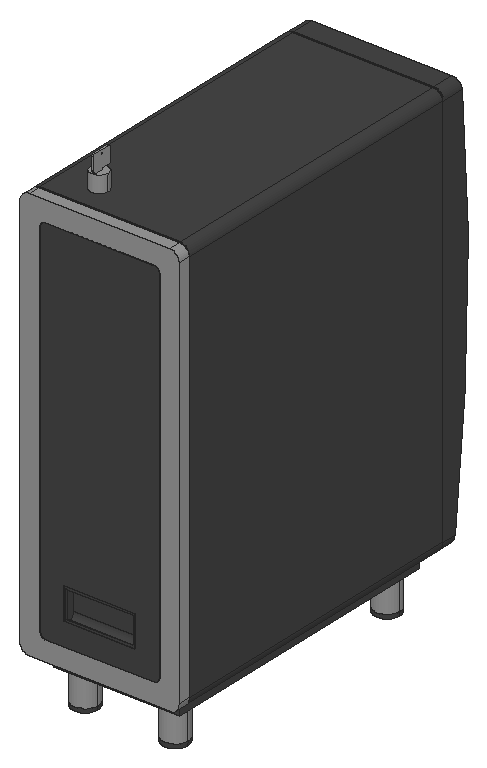
Revit family "Franke_Card_reader-A600_A800_A1000(EU)", category Specialty Equipment, Revit 2015
Parameters (values of type "Card reader-A600,A800,A1000(85-264V/anthracite/EU)")
  URL = "https://www.franke.com/main/en/cs/products/product-search.html"
  Depth (mm) = 452 mm
  Volts min. = 85 V
  Volts max. = 264 V
  Max Overcurrent Protection = 10 A
  Cycle Alternative = 60 Hz
  Cycle = 50 Hz
  Model = "410906 - Card reader-A600, A800, A1000"
  Watts = "system dependent"
  Cost = 0
  Height (mm) = 585 mm
  Manufacturer = "Franke"
  Energy loss acc. to DIN 18873 = "-"
  Width (mm) = 200 mm
  Description = "payment systems key module - card reader"
  Assembly Code = "key module - payment systems"
  Keynote = "key module - payment systems"
  Weight = "18 kg"
  Number of Poles = 1
  Number of Protective Conductors = "1"
  Number of Nutral Conductors = "1"
  Frontcover = Franke Anthracite
Types (3, lengths in mm): name | Frontcover
  (no name) | Franke Anthracite
  Card reader-A600,A800,A1000(85-264V/black line/EU) | Franke Black
  Card reader-A600,A800,A1000(85-264V/anthracite/EU) | Franke Anthracite
Reference planes
  plane 1 "Mitte (Vorne/Hinten)": y = 0
  plane 2: z = 0
  plane 3 "Mitte (Links/Rechts)": x = 0
Forms (mm)
  Extrusion 1, solid, material "Franke Black"
    sketch origin (0, 0, 0) x (0, 1, 0) y (0, 0, 1)
      loop
        line (186.97, 65) -> (-188.03, 65) -> (-188.03, 45) -> (186.97, 45) -> (186.97, 65)
    from -79 to 79
  Extrusion 2, solid, material "Franke Black"
    sketch origin (-1000, 0, 0) x (0, 1, 0) y (0, 0, 1)
      loop
        line (199.53, 585) -> (199.53, 65) -> (216.03, 65)
        arc (216.03, 65) -> (224.982, 150.997) -> (233.478, 237.039) r 16328.175
        arc (233.478, 237.039) -> (233.864, 241.879) -> (234.093, 246.728) r 150
        arc (234.093, 246.728) -> (236.227, 326.074) -> (237.701, 405.435) r 9548.581
        arc (237.701, 405.435) -> (237.699, 406.999) -> (237.648, 408.563) r 50
        arc (237.648, 408.563) -> (233.118, 496.797) -> (228.03, 585) r 14002.549
        line (228.03, 585) -> (199.53, 585)
    from 900 to 1100
  Extrusion 3, void
    sketch origin (-1000, 0, 0) x (1, 0, 0) y (0, 0, 1)
      loop
        arc (1088, 585) -> (1096.485, 581.485) -> (1100, 573) r 12
        line (1100, 573) -> (1110, 573) -> (1110, 595) -> (1088, 595) -> (1088, 585)
      loop
        line (1088, 65) -> (1088, 55) -> (1110, 55) -> (1110, 77) -> (1100, 77)
        arc (1100, 77) -> (1096.485, 68.515) -> (1088, 65) r 12
      loop
        line (912, 585) -> (912, 595) -> (890, 595) -> (890, 573) -> (900, 573)
        arc (900, 573) -> (903.515, 581.485) -> (912, 585) r 12
      loop
        arc (912, 65) -> (903.515, 68.515) -> (900, 77) r 12
        line (900, 77) -> (890, 77) -> (890, 55) -> (912, 55) -> (912, 65)
    from -305.226 to 299.817
  Extrusion 4, solid, material "Franke Black"
    sketch origin (0, 397.56, 0) x (1, 0, 0) y (0, 0, 1)
      loop
        line (-85, 65) -> (85, 65) -> (85, 575) -> (-85, 575) -> (-85, 65)
    from 198.03 to 199.53
  Extrusion 5, solid
    sketch origin (0, 0, 0) x (1, 0, 0) y (0, 0, 1)
      loop
        line (-85, 65) -> (85, 65) -> (85, 575) -> (-85, 575) -> (-85, 65)
    from 198.03 to 199.53
  Extrusion 6, solid, material "Franke Black"
    sketch origin (0, 0, 0) x (1, 0, 0) y (0, 0, 1)
      loop
        line (88, 585) -> (-88, 585)
        arc (-88, 585) -> (-96.485, 581.485) -> (-100, 573) r 12
        line (-100, 573) -> (-100, 77)
        arc (-100, 77) -> (-96.485, 68.515) -> (-88, 65) r 12
        line (-88, 65) -> (88, 65)
        arc (88, 65) -> (96.485, 68.515) -> (100, 77) r 12
        line (100, 77) -> (100, 573)
        arc (100, 573) -> (96.485, 581.485) -> (88, 585) r 12
    from -198.03 to 198.03
  Extrusion 7, solid, material "Franke Chrome"
    sketch origin (0, 0, 0) x (1, 0, 0) y (0, 1, 0)
      loop
        circle (-42, -162.53) r 11
    from 585 to 605
  Extrusion 8, solid, material "Franke Anthracite" <- "Frontcover"
    sketch origin (0, 0, 0) x (1, 0, 0) y (0, 0, 1)
      loop
        line (88, 585) -> (-88, 585)
        arc (-88, 585) -> (-96.485, 581.485) -> (-100, 573) r 12
        line (-100, 573) -> (-100, 77)
        arc (-100, 77) -> (-96.485, 68.515) -> (-88, 65) r 12
        line (-88, 65) -> (88, 65)
        arc (88, 65) -> (96.485, 68.515) -> (100, 77) r 12
        line (100, 77) -> (100, 573)
        arc (100, 573) -> (96.485, 581.485) -> (88, 585) r 12
      loop
        arc (67, 90) -> (72.657, 92.343) -> (75, 98) r 8
        line (75, 98) -> (75, 552)
        arc (75, 552) -> (72.657, 557.657) -> (67, 560) r 8
        line (67, 560) -> (-67, 560)
        arc (-67, 560) -> (-72.657, 557.657) -> (-75, 552) r 8
        line (-75, 552) -> (-75, 98)
        arc (-75, 98) -> (-72.657, 92.343) -> (-67, 90) r 8
        line (-67, 90) -> (67, 90)
    from 199.53 to 214.53
  Extrusion 9, solid, material "Franke Black"
    sketch origin (0, 0, 0) x (1, 0, 0) y (0, 0, 1)
      loop
        arc (-67, 560) -> (-72.657, 557.657) -> (-75, 552) r 8
        line (-75, 552) -> (-75, 98)
        arc (-75, 98) -> (-72.657, 92.343) -> (-67, 90) r 8
        line (-67, 90) -> (67, 90)
        arc (67, 90) -> (72.657, 92.343) -> (75, 98) r 8
        line (75, 98) -> (75, 552)
        arc (75, 552) -> (72.657, 557.657) -> (67, 560) r 8
        line (67, 560) -> (-67, 560)
    from 199.53 to 214.53
  Extrusion 10, solid, material "Franke Black"
    sketch origin (0, 0, 0) x (1, 0, 0) y (0, 0, 1)
      loop
        line (-85, 65) -> (85, 65) -> (85, 575) -> (-85, 575) -> (-85, 65)
    from 198.03 to 199.53
  Extrusion 11, solid, material "Franke Chrome"
    sketch origin (0, 0, 39.5) x (0, 1, 0) y (0, 0, 1)
      loop
        arc (-172.53, 569.367) -> (-172.178, 568.234) -> (-171.247, 567.5) r 2
        line (-171.247, 567.5) -> (-171.247, 565.5) -> (-160.53, 565.5) -> (-160.53, 566.541)
        arc (-160.53, 566.541) -> (-160.249, 567.219) -> (-159.571, 567.5) r 0.959
        line (-159.571, 567.5) -> (-149.53, 567.5)
        arc (-149.53, 567.5) -> (-148.116, 568.086) -> (-147.53, 569.5) r 2
        line (-147.53, 569.5) -> (-147.53, 585.5)
        arc (-147.53, 585.5) -> (-148.116, 586.914) -> (-149.53, 587.5) r 2
        line (-149.53, 587.5) -> (-170.53, 587.5)
        arc (-170.53, 587.5) -> (-171.944, 586.914) -> (-172.53, 585.5) r 2
        line (-172.53, 585.5) -> (-172.53, 569.367)
      loop
        circle (-160.03, 583.965) r 2
    from -43 to -41
  Extrusion 12, solid, material "Franke Black"
    sketch origin (0, 0, 20) x (1, 0, 0) y (0, 0, 1)
      loop
        line (-44.5, 139) -> (-44.5, 100) -> (44.5, 100) -> (44.5, 139) -> (-44.5, 139)
      loop
        line (-42.5, 137) -> (-42.5, 102) -> (42.5, 102) -> (42.5, 137) -> (-42.5, 137)
    from 212.53 to 214.53
  Extrusion 13, void
    sketch origin (0, 0, 20) x (0, 1, 0) y (0, 0, 1)
      loop
        line (-231.966, 139) -> (-231.966, 100) -> (-212.53, 100) -> (-212.53, 95) -> (-210.53, 95)
        arc (-210.53, 95) -> (-203.459, 97.929) -> (-200.53, 105) r 10
        line (-200.53, 105) -> (-200.53, 144) -> (-212.53, 144) -> (-212.53, 139) -> (-231.966, 139)
    from -44.5 to 44.5
  Extrusion 14, solid, material "Franke Chrome"
    sketch origin (0, 0, 41) x (1, 0, 0) y (0, 1, 0)
      loop
        circle (0, 156.641) r 2.5
    from 0 to 4
  Extrusion 15, solid, material "Franke Chrome"
    sketch origin (-35.869, -27.22, 0) x (1, 0, 0) y (0, 1, 0)
      loop
        circle (92.493, -139.31) r 16
      loop
        circle (-20.755, -139.31) r 16
      loop
        circle (92.493, 192.69) r 16
      loop
        circle (-20.755, 192.69) r 16
    from 5 to 45
  Extrusion 16, solid, material "Franke Black"
    sketch origin (-35.869, -27.22, 10) x (0, -1, 0) y (1, 0, 0)
      loop
        circle (139.31, 92.493) r 16
      loop
        circle (139.31, -20.755) r 16
      loop
        circle (-192.69, 92.493) r 16
      loop
        circle (-192.69, -20.755) r 16
    from -10 to -5
Cuts and joins
  Extrusion 3 cuts Extrusion 8
  Extrusion 3 cuts Extrusion 2
  Extrusion 13 cuts Extrusion 9
Lines and regions (mm)
  model lines
    curve 1: line (0, 561.766, 45) -> (0, -448.234, 45)
Dimensions and locks
  aligned and locked: level to plane 2
Connectors
  electrical at (0, 156.641, 41), driven by "Volts max.", driven by "Number of Poles"
    settings: on Extrusion 14, index 2, voltage 264 V, apparent load 0 VA, apparent load phase1 0 VA, apparent load phase2 0 VA, apparent load phase3 0 VA, power factor 1, load classification "Strom", number of poles 1, system type 31, power factor state 1, is connector primary yes, connector utility no, sub classification motor no, connector description ""
